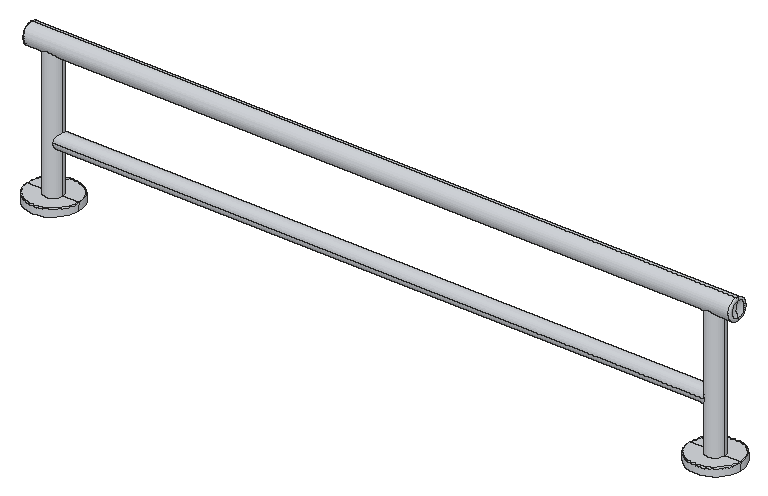
Revit family "Accessory-Towel_Bar-KOHLER-STILLNESS-K-14391T_1", category Specialty Equipment, host Face, Revit 2017
Family settings
  Host = Face
  Round Connector Dimension = Use Diameter
  Part Type = Normal
  OmniClass Number = 23.31.25.25
  OmniClass Title = Towel Bars
  Cut with Voids When Loaded = No
  Shared = No
  Room Calculation Point = No
Parameters (values of type "CP-Polished Chrome")
  Width = 24 1/64"  # constant formula
  WaterSense Certified = 1 = 0  # no
  URL = "http://www.kohler.com.cn/en/"
  Type = 1
  Product Page URL = "http://www.kohler.com.cn/product/K-14391T-CP/K-14391T-CP/"
  Product Name = "STILLNESS"  # constant formula
  Product Documentation Link = "http://files.kohler.com.cn/pdfs/k_14397t_14388t_stillness.pdf"
  Model = if(Type = 1, "K-14391T-CP", if(Type = 2, "K-14391T-BN", if(Type = 3, "K-14391T-PGD", if(Type = 4, "K-14391T-RGD", if(Type = 5, "K-14391T-SN", "NA")))))  # "K-14391T-CP"
  Material = "Premium Metal Construction"  # constant formula
  Master Format 2014 Name = "Toilet, Bath, and Laundry Accessories"  # constant formula
  Master Format 2014 = "10 28 00"  # constant formula
  Manufacturer Address = "158 Jiangchang 3rd Road Zhabei District Shanghai, 200436 China"  # constant formula
  Manufacturer = "KOHLER Co."  # constant formula
  Length = 5 73/128"  # constant formula
  Height = 1 57/64"  # constant formula
  Finish = Kohler-Metal-CP-Polished_Chrome
  Environmental Product Declaration = ""
  Description = "24 inch Double Towel Bar"  # constant formula
  Default Elevation = 42"
  Declare Label = ""
  Date Modified = "06/08/2020"  # constant formula
  Date Created = "06/08/2020"  # constant formula
  Copyright = "Copyright KOHLER Co."  # constant formula
  Contact Us = "http://www.kohler.com.cn/en/contact/contact-us/"
  Assembly Code = "C1030200"
  ADA Compliant = 1 = 0  # no
Types (6): name | Type | Product Page URL | Model | Finish
  (no name) | 1 | "http://www.kohler.com.cn/product/K-14391T-CP/K-14391T-CP/" | "K-14391T-CP" | Kohler-Metal-CP-Polished_Chrome
  CP-Polished Chrome | 1 | "http://www.kohler.com.cn/product/K-14391T-CP/K-14391T-CP/" | "K-14391T-CP" | Kohler-Metal-CP-Polished_Chrome
  BN-Roman Silver | 2 | "http://www.kohler.com.cn/product/K-14391T-CP/K-14391T-BN/" | "K-14391T-BN" | Kohler-Metal-BN-Roman_Silver
  PGD-Eternal Gold | 3 | "http://www.kohler.com.cn/product/K-14391T-CP/K-14391T-PGD/" | "K-14391T-PGD" | Kohler-Metal-PGD-Eternal_Gold
  RGD-Rose Gold | 4 | "http://www.kohler.com.cn/product/K-14391T-CP/K-14391T-RGD/" | "K-14391T-RGD" | Kohler-Metal-RGD-Rose_Gold
  SN-Champagne Gold | 5 | "http://www.kohler.com.cn/product/K-14391T-CP/K-14391T-SN/" | "K-14391T-SN" | Kohler-Metal-SN-Champagne_Gold
Reference planes (in)
  plane 1 "Center (Front/Back)": y = 0
  plane 2: z = 0
  plane 3 "Center (Left/Right)": x = 0
  plane 4: x = -12.95276
  plane 5: x = -12.00787
  plane 6: x = -11.06299
  plane 7: x = 12.95276
  plane 8: x = 11.06299
  plane 9: x = 12.00775
  plane 10: y = 0.94488
  plane 11: y = -0.94574
  plane 12: x = -12.83465
  plane 13: x = 12.83465
  plane 14: z = 5.57031
  plane 15: z = 5.17717
  plane 16: z = 4.8125
  plane 17: z = 2.3432
  plane 18: z = 2.04667
  plane 19: z = 1.7818
  plane 20: z = 0.27502
  plane 21: z = 0.5315
  plane 22: y = 0.39385
  plane 23: y = -0.39385
  plane 24: x = -12.3304
  plane 25: x = -11.6696
  plane 26: x = 11.6696
  plane 27: x = 12.3304
  plane 28: y = 0.35411
  plane 29: y = -0.35411
Dimensions and locks (in)
  locked: plane 4 to plane 6 at 1.88976
  locked: plane 7 to plane 8 at 1.88976
  "Width": plane 5 to plane 9
  "Height": plane 10 to plane 11
  locked: plane 12 to plane 13 at 25.66929
  "Length": plane 14 to plane 2
  locked: plane 15 to plane 2 at 5.17717
  locked: plane 15 to plane 18 at 3.13049
  plane 21 to plane 15 = 4.64567"
  plane 18 to plane 21 = 1.51518"
  aligned and locked: plane 2 to host face
  aligned and locked: level to host face
Automatic sketch dimensions
  host sketch curve to host sketch curve = 96"  (x2)
Nested families (in)
  nested 1: "K-14391T" at (0, 0, 0), type "K-14391T"
Definition of nested family "K-14391T"
  Parameters (values of type "K-14391T")
    Material = none
    Assembly Code = ""
  Reference planes (in)
    plane 1 "Center (Front/Back)": y = 0
    plane 2 "Back": z = 0
    plane 3 "Center (Left/Right)": x = 0
    plane 4: x = -12.00787
    plane 5: x = 12.00787
    plane 6: x = -12.95276
    plane 7: x = -11.06299
    plane 8: x = 12.95276
    plane 9: x = 11.06299
    plane 10: y = 0.94488
    plane 11: y = -0.94488
    plane 12: x = -12.83465
    plane 13: x = 12.83465
    plane 14: z = 5.57087
    plane 15: z = 5.17717
    plane 16: z = 2.04667
    plane 17: z = 0.5315
    plane 18: z = 0.27502
    plane 19: z = 1.7818
    plane 20: z = 2.3432
    plane 21: z = 4.8125
    plane 22: y = 0.39385
    plane 23: y = -0.39385
  Forms (in)
    Revolve 1, solid, material <- "Material", detail levels medium+fine
      sketch origin (0, 0, 0) x (1, 0, 0) y (0, 0, 1)
        loop
          line (-12.9375, 0) -> (-12, 0) -> (-12, 5.18004) -> (-12.3304, 5.18004) -> (-12.3304, 0.27502) -> (-12.91762, 0.27502)
          arc (-12.91762, 0.27502) -> (-12.93168, 0.2692) -> (-12.9375, 0.25514) r 0.01988
          line (-12.9375, 0.25514) -> (-12.9375, 0)
        axis (-12, 0) -> (-12, 5.18004)
      angle from 0 to 360
    Revolve 2, solid, material <- "Material", detail levels medium+fine
      sketch origin (24.01566, 0, 0) x (1, 0, 0) y (0, 0, 1)
        loop
          line (-12.95316, 0) -> (-12.01566, 0) -> (-12.01566, 5.17776) -> (-12.34606, 5.17776) -> (-12.34606, 0.27502) -> (-12.93283, 0.27502)
          arc (-12.93283, 0.27502) -> (-12.9472, 0.26907) -> (-12.95316, 0.25469) r 0.02033
          line (-12.95316, 0.25469) -> (-12.95316, 0)
        axis (-12.01566, 0) -> (-12.01566, 5.17776)
      angle from 0 to 360
    Revolve 3, solid, material <- "Material", detail levels medium+fine
      sketch origin (0, 0.00015, -6.39764) x (1, 0, 0) y (0, 0, 1)
        loop
          line (-12.75252, 11.58514) -> (12.75252, 11.58514)
          arc (12.75252, 11.58514) -> (12.76665, 11.7338) -> (12.82088, 11.87293) r 0.54089
          arc (12.82088, 11.87293) -> (12.82029, 11.93118) -> (12.76975, 11.96014) r 0.05859
          line (12.76975, 11.96014) -> (-12.77032, 11.96014)
          arc (-12.77032, 11.96014) -> (-12.82059, 11.93132) -> (-12.82113, 11.87338) r 0.05826
          arc (-12.82113, 11.87338) -> (-12.76671, 11.73405) -> (-12.75252, 11.58514) r 0.54089
        axis (12.82088, 11.58514) -> (-12.82113, 11.58514)
      angle from 0 to 360
    Extrusion 4, solid, material <- "Material", detail levels medium+fine
      sketch origin (0, 0, 0) x (0, 1, 0) y (0, 0, 1)
        loop
          circle (0, 2.0625) r 0.2807
      from -12.00787 to 12
    Revolve 5, solid, material <- "Material", detail levels coarse
      sketch origin (0, 0, 0) x (1, 0, 0) y (0, 0, 1)
        loop
          line (-12, 0) -> (-12, 5.1875) -> (-12.3304, 5.1875) -> (-12.3304, 0.27502) -> (-12.9375, 0.27502) -> (-12.9375, 0) -> (-12, 0)
        axis (-12, 5.1875) -> (-12, 0)
      angle from 0 to 360
    Revolve 6, solid, material <- "Material", detail levels coarse
      sketch origin (0, 0, 0) x (-1, 0, 0) y (0, 0, 1)
        loop
          line (-12, 0) -> (-12, 5.1875) -> (-12.3304, 5.1875) -> (-12.3304, 0.27502) -> (-12.9375, 0.27502) -> (-12.9375, 0) -> (-12, 0)
        axis (-12, 5.1875) -> (-12, 0)
      angle from 0 to 360
    Extrusion 7, solid, material <- "Material", detail levels coarse
      sketch origin (0, 0, 0) x (0, 1, 0) y (0, 0, 1)
        loop
          circle (0, 5.1875) r 0.375
      from -12.82813 to 12.82813
    Extrusion 8, solid, material <- "Material", detail levels coarse
      sketch origin (0, 0, 0) x (0, 1, 0) y (0, 0, 1)
        loop
          circle (0, 2.0625) r 0.31486
      from -12 to 11.98464
  Cuts and joins
    joined: Revolve 1, Revolve 2, Revolve 3, Extrusion 4
    joined: Revolve 5, Revolve 6, Extrusion 7, Extrusion 8
  Lines and regions (in)
    Masking region 1
      outline origin (0, 0, 0) x (1, 0, 0) y (0, 1, 0)
        loop
          line (11.14924, 0.39385) -> (-11.14924, 0.39385)
          arc (-11.14924, 0.39385) -> (-11.49775, 0.79527) -> (-12.00787, 0.94488) r 0.94449
          arc (-12.00787, 0.94488) -> (-12.67601, 0.66813) -> (-12.95276, 0) r 0.94488
          arc (-12.95276, 0) -> (-12.67601, -0.66813) -> (-12.00787, -0.94488) r 0.94488
          arc (-12.00787, -0.94488) -> (-11.49762, -0.79519) -> (-11.1491, -0.39355) r 0.94449
          line (-11.1491, -0.39355) -> (11.1491, -0.39355)
          arc (11.1491, -0.39355) -> (11.49762, -0.79519) -> (12.00787, -0.94488) r 0.94449
          arc (12.00787, -0.94488) -> (12.67601, -0.66813) -> (12.95276, 0) r 0.94488
          arc (12.95276, 0) -> (12.67601, 0.66813) -> (12.00787, 0.94488) r 0.94488
          arc (12.00787, 0.94488) -> (11.49775, 0.79527) -> (11.14924, 0.39385) r 0.94449
    Masking region 2
      outline origin (0, 0, 0) x (1, 0, 0) y (0, 0, 1)
        loop
          line (-12.95276, 0) -> (-11.06299, 0) -> (-11.06299, 0.25514)
          arc (-11.06299, 0.25514) -> (-11.06881, 0.2692) -> (-11.08287, 0.27502) r 0.01988
          line (-11.08287, 0.27502) -> (-11.6696, 0.27502) -> (-11.6696, 1.7818) -> (11.6696, 1.7818) -> (11.6696, 0.27502) -> (11.08287, 0.27502)
          arc (11.08287, 0.27502) -> (11.06881, 0.2692) -> (11.06299, 0.25514) r 0.01988
          line (11.06299, 0.25514) -> (11.06299, 0) -> (12.95276, 0) -> (12.95276, 0.25514)
          arc (12.95276, 0.25514) -> (12.94693, 0.2692) -> (12.93288, 0.27502) r 0.01988
          line (12.93288, 0.27502) -> (12.3304, 0.27502) -> (12.3304, 4.8125) -> (12.76428, 4.8125)
          arc (12.76428, 4.8125) -> (12.81404, 4.83311) -> (12.83465, 4.88287) r 0.07037
          line (12.83465, 4.88287) -> (12.83465, 5.50194)
          arc (12.83465, 5.50194) -> (12.81446, 5.55068) -> (12.76572, 5.57087) r 0.06892
          line (12.76572, 5.57087) -> (-12.76378, 5.57087)
          arc (-12.76378, 5.57087) -> (-12.81389, 5.55011) -> (-12.83465, 5.5) r 0.07087
          line (-12.83465, 5.5) -> (-12.83465, 4.87109)
          arc (-12.83465, 4.87109) -> (-12.81748, 4.82966) -> (-12.77605, 4.8125) r 0.05859
          line (-12.77605, 4.8125) -> (-12.3304, 4.8125) -> (-12.3304, 0.27502) -> (-12.93288, 0.27502)
          arc (-12.93288, 0.27502) -> (-12.94693, 0.2692) -> (-12.95276, 0.25514) r 0.01988
          line (-12.95276, 0.25514) -> (-12.95276, 0)
        loop
          line (-11.6696, 4.8125) -> (-11.6696, 2.3432) -> (11.6696, 2.3432) -> (11.6696, 4.8125) -> (-11.6696, 4.8125)
    Masking region 3
      outline origin (0, 0, 0) x (0, 1, 0) y (0, 0, 1)
        loop
          line (0.94488, 0) -> (0.94488, 0.25514)
          arc (0.94488, 0.25514) -> (0.93906, 0.2692) -> (0.925, 0.27502) r 0.01988
          line (0.925, 0.27502) -> (0.35411, 0.27502) -> (0.35411, 5.01126)
          arc (0.35411, 5.01126) -> (0.38379, 5.09186) -> (0.39385, 5.17717) r 0.36562
          arc (0.39385, 5.17717) -> (0.27844, 5.45556) -> (0, 5.57087) r 0.39385
          arc (0, 5.57087) -> (-0.27844, 5.45556) -> (-0.39385, 5.17717) r 0.39385
          arc (-0.39385, 5.17717) -> (-0.38379, 5.09186) -> (-0.35411, 5.01126) r 0.36562
          line (-0.35411, 5.01126) -> (-0.35411, 2.09062)
          arc (-0.35411, 2.09062) -> (-0.34656, 2.06922) -> (-0.344, 2.04667) r 0.10059
          arc (-0.344, 2.04667) -> (-0.34656, 2.02413) -> (-0.35411, 2.00272) r 0.10059
          line (-0.35411, 2.00272) -> (-0.35411, 0.57545)
          arc (-0.35411, 0.57545) -> (-0.34656, 0.55404) -> (-0.344, 0.5315) r 0.10059
          arc (-0.344, 0.5315) -> (-0.34656, 0.50895) -> (-0.35411, 0.48755) r 0.10059
          line (-0.35411, 0.48755) -> (-0.35411, 0.27502) -> (-0.925, 0.27502)
          arc (-0.925, 0.27502) -> (-0.93906, 0.2692) -> (-0.94488, 0.25514) r 0.01988
          line (-0.94488, 0.25514) -> (-0.94488, 0) -> (0.94488, 0)
    symbolic lines, detail levels medium+fine
      curve 1: line (11.6696, 0, 0.27502) -> (12.3304, 0, 0.27502)
      curve 2: line (-12.3304, 0, 0.27502) -> (-11.6696, 0, 0.27502)
      curve 3: line (-11.14924, 0.39385, 0) -> (-12.77605, 0.39385, 0)
      curve 4: line (-12.83465, 0.33525, 0) -> (-12.83465, -0.33496, 0)
      curve 5: line (-11.1491, -0.39355, 0) -> (-12.77605, -0.39355, 0)
      curve 6: arc (-12.77605, 0.39385, 0) -> (-12.81748, 0.37669, 0) -> (-12.83465, 0.33525, 0) r 0.05859
      curve 7: arc (-12.83465, -0.33496, 0) -> (-12.81748, -0.37639, 0) -> (-12.77605, -0.39355, 0) r 0.05859
      curve 8: line (11.14924, 0.39385, 0) -> (12.77605, 0.39385, 0)
      curve 9: line (12.83465, 0.33525, 0) -> (12.83465, -0.33496, 0)
      curve 10: line (11.1491, -0.39355, 0) -> (12.77605, -0.39355, 0)
      curve 11: arc (12.77605, 0.39385, 0) -> (12.81748, 0.37669, 0) -> (12.83465, 0.33525, 0) r 0.05859
      curve 12: arc (12.83465, -0.33496, 0) -> (12.81748, -0.37639, 0) -> (12.77605, -0.39355, 0) r 0.05859
      curve 13: line (-12.3304, 0, 4.8125) -> (-12.16967, 0, 4.94266)
      curve 14: line (-11.6696, 0, 4.8125) -> (-11.83033, 0, 4.94266)
      curve 15: arc (-12.16967, 0, 4.94266) -> (-12, 0, 5.00274) -> (-11.83033, 0, 4.94266) r 0.2696
      curve 16: line (12.3304, 0, 4.8125) -> (12.16967, 0, 4.94266)
      curve 17: line (11.6696, 0, 4.8125) -> (11.83033, 0, 4.94266)
      curve 18: arc (12.16967, 0, 4.94266) -> (12, 0, 5.00274) -> (11.83033, 0, 4.94266) r 0.2696
      curve 19: line (-11.6696, 0, 1.7818) -> (-11.75616, 0, 1.86836)
      curve 20: line (-11.6696, 0, 2.3432) -> (-11.75616, 0, 2.25664)
      curve 21: arc (-11.75616, 0, 1.86836) -> (-11.83658, 0, 2.0625) -> (-11.75616, 0, 2.25664) r 0.27456
      curve 22: line (11.6696, 0, 1.7818) -> (11.75616, 0, 1.86836)
      curve 23: line (11.6696, 0, 2.3432) -> (11.75616, 0, 2.25664)
      curve 24: arc (11.75616, 0, 1.86836) -> (11.83658, 0, 2.0625) -> (11.75616, 0, 2.25664) r 0.27456
      curve 25: line (0, 0.35411, 0.27502) -> (0, -0.35411, 0.27502)
      curve 26: arc (0, 0.35411, 5.01126) -> (0, 0.20304, 4.86559) -> (0, 0, 4.8125) r 0.41482
      curve 27: arc (0, 0, 4.8125) -> (0, -0.20304, 4.86559) -> (0, -0.35411, 5.01126) r 0.41482
  Dimensions and locks (in)
    locked: plane 4 to plane 5 at 24.01575
    locked: plane 6 to plane 7 at 1.88976
    locked: plane 8 to plane 9 at 1.88976
    locked: plane 10 to plane 11 at 1.88976
    locked: plane 12 to plane 13 at 25.66929
    locked: plane 14 to plane 2 "Back" at 5.57087
    locked: plane 15 to plane 2 "Back" at 5.17717
    locked: plane 15 to plane 16 at 3.13049
    locked: plane 15 to plane 17 at 4.64567
    plane 16 to plane 17 = 1.51518"
    aligned and locked: level to plane 2 "Back"
